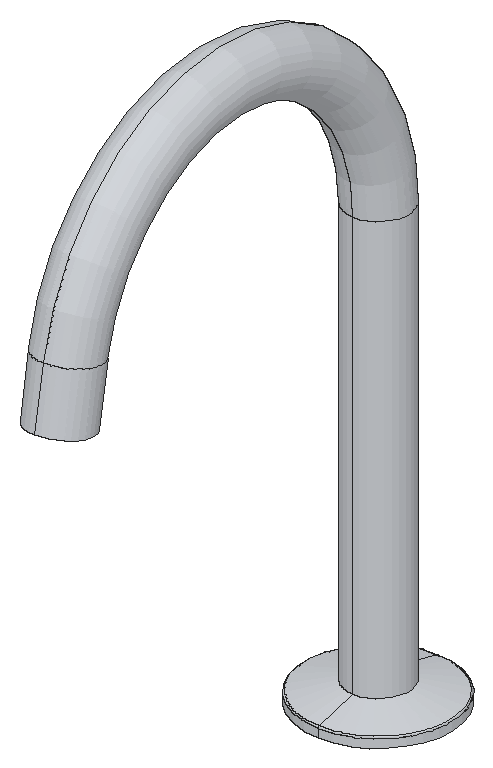
Revit family "Faucet-Lavatory-Spout-KOHLER-COMPONENTS-K-77967BR_1", category Plumbing Fixtures, host Face, Revit 2017
Family settings
  Host = Face
  Round Connector Dimension = Use Diameter
  Part Type = Normal
  OmniClass Number = 23.31.11.00
  OmniClass Title = Faucets
  Cut with Voids When Loaded = No
  Shared = No
  Room Calculation Point = No
Parameters (values of type "CP-Polished Chrome")
  Width = 2 3/8"  # constant formula
  WaterSense Certified = 1 = 0  # no
  Waste Water Outlet = "Waste Water Outlet"  # constant formula
  Waste Connection = 1 = 0  # no
  Vent Connection = 1 = 0  # no
  URL = "https://br.kohler.com/"
  Type = 1
  Spout Reach = 6 5/16"  # constant formula
  Product Page URL = "https://br.kohler.com/product-detail/77967br?skuid=K-77967BR-CP"
  Product Name = "COMPONENTS"  # constant formula
  Product Documentation Link = ""
  Pressure = 45.00 psi  # constant formula
  Model = if(Type = 1, "K-77967BR-CP", if(Type = 2, "K-77967BR-BN", if(Type = 3, "K-77967BR-RGD", if(Type = 4, "K-77967BR-BL", "NA"))))  # "K-77967BR-CP"
  Material = "Premium Metal Construction"  # constant formula
  MasterFormat 2004 = "22.41.39"  # constant formula
  MasterFormat 1995 = "15410"  # constant formula
  Manufacturer Address = "Rio de Janeiro MULTIREPAROS RUA BATISTA DA COSTA, Nº 352 | STORE B Rio de Janeiro SÃO GONÇALO 24450-470"  # constant formula
  Manufacturer = "KOHLER Co."  # constant formula
  Length = Spout Reach  # 6 5/16"
  Hot Water Inlet = "Hot Water Inlet"  # constant formula
  Height = 10 11/16"  # constant formula
  HW Connection = 1 = 1  # yes
  Flow Rate = 18 GPM  # constant formula
  Finish = Kohler-Metal-CP-Polished_Chrome
  Environmental Product Declaration = ""
  Drain Included = 1 = 1  # yes
  Description = "Tube spout for washbasin mixer"  # constant formula
  Default Elevation = 36"
  Declare Label = ""
  Date Modified = "09/13/2021"  # constant formula
  Date Created = "09/13/2021"  # constant formula
  Copyright = "Copyright KOHLER Co."  # constant formula
  Contact Us = "https://br.kohler.com/asr-listing"
  Cold Water Inlet = "Cold Water Inlet"  # constant formula
  CW Connection = 1 = 1  # yes
  Assembly Code = "D2010"
  ADA Compliant = 1 = 0  # no
Types (5): name | Type | Product Page URL | Model | Finish
  (no name) | 1 | "https://br.kohler.com/product-detail/77967br?skuid=K-77967BR-CP" | "K-77967BR-CP" | Kohler-Metal-CP-Polished_Chrome
  CP-Polished Chrome | 1 | "https://br.kohler.com/product-detail/77967br?skuid=K-77967BR-CP" | "K-77967BR-CP" | Kohler-Metal-CP-Polished_Chrome
  BN-Vibrant Brushed Nickel | 2 | "https://br.kohler.com/product-detail/77967br?skuid=K-77967BR-BN" | "K-77967BR-BN" | Kohler-Metal-BN-Vibrant_Brushed_Nickel
  RGD-Polished Rose Gold | 3 | "https://br.kohler.com/product-detail/77967br?skuid=K-77967BR-RGD" | "K-77967BR-RGD" | Kohler-Metal-RGD-Polished_Rose_Gold
  BL-Matte Black | 4 | "https://br.kohler.com/product-detail/77967br?skuid=K-77967BR-BL" | "K-77967BR-BL" | Kohler-Metal-BL-Matte_Black
Reference planes (in)
  plane 1 "Center (Front/Back)": y = 0
  plane 2: z = 0
  plane 3 "Center (Left/Right)": x = 0
  plane 4: x = -1.1875
  plane 5: x = 1.1875
  plane 6: y = -6.3125
  plane 7: z = 10.6875
  plane 8: y = 1.18111
  plane 9: y = -1.1811
  plane 10: y = -6.79723
  plane 11: z = 6.68754
  plane 12: z = 0.32403
  plane 13: z = 0.13933
Dimensions and locks (in)
  equal spacing: plane 4, plane 3 "Center (Left/Right)", plane 5
  "Width": plane 4 to plane 5
  "Length": plane 6 to plane 1 "Center (Front/Back)"  (x2)
  "Height": plane 7 to plane 2
  plane 11 to level = 6.68754"
  aligned and locked: plane 2 to host face
  aligned and locked: level to host face
Automatic sketch dimensions
  host sketch curve to host sketch curve = 96"  (x2)
Nested families (in)
  nested 1: "K-77967BR" at (0, 0, 0), type "K-77967BR"
Connectors (in)
  piping at (-0.68886, 0, 0), diameter 0.5, driven by "Flow Rate", driven by "Pressure", driven by "HW Connection", driven by "Hot Water Inlet"
    settings: on nested 1, index 1, connector inside diameter 24", connector length 0", flow factor 0, pipe flow 18 GPM, pressure drop 45.00 psi, fitting loss kfactor 0, connector angle 0.00°, fixture units 0, engagement length 0", angle of deflection 0.00°, flow configuration 1, flow direction 1, fitting loss method 4, system type 19, joint type 0, gender type 0, connector reference index -1, connector utility 1, adjustable connector no, is connector primary yes, connector description "Hot Water Inlet"
  piping at (0.68886, 0, 0), diameter 0.5, driven by "Flow Rate", driven by "Pressure", driven by "CW Connection", driven by "Cold Water Inlet"
    settings: on nested 1, index 2, connector inside diameter 24", connector length 0", flow factor 0, pipe flow 18 GPM, pressure drop 45.00 psi, fitting loss kfactor 0, connector angle 0.00°, fixture units 0, engagement length 0", angle of deflection 0.00°, flow configuration 1, flow direction 1, fitting loss method 4, system type 20, joint type 0, gender type 0, connector reference index -1, connector utility 1, adjustable connector no, is connector primary no, connector description "Cold Water Inlet"
Definition of nested family "K-77967BR"
  Parameters (values of type "K-77967BR")
    Material = none
  Reference planes (in)
    plane 1 "Center (Front/Back)": y = 0
    plane 2: z = 0
    plane 3 "Center (Left/Right)": x = 0
    plane 4: z = 10.6875
    plane 5: x = -1.1875
    plane 6: x = 1.1875
    plane 7: y = -6.3125
    plane 8: y = 1.18111
    plane 9: y = -1.1811
    plane 10: y = -6.79723
    plane 11: z = 6.68754
    plane 12: z = 0.13933
    plane 13: z = 0.32403
    plane 14: x = -0.68886
    plane 15: x = 0.68886
  Forms (in)
    Sweep 1, solid, material <- "Material", detail levels medium+fine
      path origin (0, 0, 0) x (0, 1, 0) y (0, 0, 1)
        loop
          line (0, 0.32403) -> (0, 7.09913)
          arc (0, 7.09913) -> (-2.82633, 10.18353) -> (-6.14532, 7.63678) r 3.09618
          line (-6.14532, 7.63678) -> (-6.3127, 6.68754)
      profile origin (0, 0, 0.32403) x (0, -1, 0) y (1, 0, 0)
        loop
          circle (0, 0) r 0.492
    Revolve 2, solid, material <- "Material", detail levels medium+fine
      sketch origin (0, 0, 0) x (0, 1, 0) y (0, 0, 1)
        loop
          line (0, 0) -> (1.18111, 0) -> (1.18111, 0.13926)
          arc (1.18111, 0.13926) -> (1.17614, 0.15359) -> (1.16338, 0.16177) r 0.02316
          line (1.16338, 0.16177) -> (0.4907, 0.32403) -> (0, 0.32403) -> (0, 0)
        axis (0, 0.32403) -> (0, 0)
      angle from 0 to 360
    Extrusion 3, solid, material <- "Material", detail levels coarse
      sketch origin (0, 0, 0) x (1, 0, 0) y (0, 1, 0)
        loop
          circle (0, 0) r 1.1811
      from 0 to 0.32403
    Sweep 4, solid, material <- "Material", detail levels coarse
      path origin (0, 0, 0) x (0, 1, 0) y (0, 0, 1)
        loop
          line (0, 0.32403) -> (0, 7.09913)
          arc (0, 7.09913) -> (-2.82633, 10.18353) -> (-6.14532, 7.63678) r 3.09618
          line (-6.14532, 7.63678) -> (-6.3127, 6.68754)
      profile origin (0, 0, 0.32403) x (0, -1, 0) y (1, 0, 0)
        loop
          circle (0, 0) r 0.5315
    Extrusion 5, solid, material <- "Material", detail levels medium+fine
      sketch origin (0, 0, 0) x (1, 0, 0) y (0, 1, 0)
        loop
          circle (-0.68886, 0) r 0.25
        loop
          circle (0.68886, 0) r 0.25
      from 0 to 0.0727
  Lines and regions (in)
    Masking region 1
      outline origin (0, 0, 0) x (0, 1, 0) y (0, 0, 1)
        loop
          line (1.18111, 0) -> (1.18111, 0.13933)
          arc (1.18111, 0.13933) -> (1.17617, 0.1536) -> (1.16346, 0.16175) r 0.02306
          line (1.16346, 0.16175) -> (0.49201, 0.32403) -> (0.49201, 7.09913)
          arc (0.49201, 7.09913) -> (-2.78345, 10.67366) -> (-6.62985, 7.72222) r 3.58819
          line (-6.62985, 7.72222) -> (-6.79723, 6.77297) -> (-5.82817, 6.6021) -> (-5.66079, 7.55135)
          arc (-5.66079, 7.55135) -> (-2.86921, 9.6934) -> (-0.49201, 7.09913) r 2.60418
          line (-0.49201, 7.09913) -> (-0.49201, 0.32403) -> (-1.16346, 0.16175)
          arc (-1.16346, 0.16175) -> (-1.17617, 0.1536) -> (-1.18111, 0.13933) r 0.02306
          line (-1.18111, 0.13933) -> (-1.18111, 0) -> (1.18111, 0)
    Masking region 2
      outline origin (0, 0, 0) x (1, 0, 0) y (0, 0, 1)
        loop
          line (-1.1875, 0) -> (1.1875, 0) -> (1.1875, 0.13933)
          arc (1.1875, 0.13933) -> (1.18256, 0.1536) -> (1.16986, 0.16175) r 0.02306
          line (1.16986, 0.16175) -> (0.49201, 0.32558) -> (0.49201, 10.19549)
          arc (0.49201, 10.19549) -> (0, 10.6875) -> (-0.49201, 10.19549) r 0.49201
          line (-0.49201, 10.19549) -> (-0.49201, 0.32558) -> (-1.16986, 0.16175)
          arc (-1.16986, 0.16175) -> (-1.18256, 0.1536) -> (-1.1875, 0.13933) r 0.02306
          line (-1.1875, 0.13933) -> (-1.1875, 0)
    Masking region 3
      outline origin (0, 0, 0) x (1, 0, 0) y (0, 1, 0)
        loop
          arc (0.492, -1.07374) -> (0, 1.19454) -> (-0.492, -1.07374) r 1.1875
          line (-0.492, -1.07374) -> (-0.492, -6.31248)
          spline (-0.492, -6.31248) -> (-0.47524, -6.43789) -> (-0.42609, -6.55475) -> (-0.3479, -6.6551) -> (-0.246, -6.7321) -> (-0.12734, -6.7805) -> (0, -6.79701) -> (0.12734, -6.7805) -> (0.246, -6.7321) -> (0.3479, -6.6551) -> (0.42609, -6.55475) -> (0.47524, -6.43789) -> (0.492, -6.31248)
          line (0.492, -6.31248) -> (0.492, -1.07374)
    symbolic lines, detail levels medium+fine
      curve 1: spline (0, 0.49201, 0.32403) -> (0, 0.47524, 0.32368) -> (0, 0.42609, 0.32336) -> (0, 0.3479, 0.32308) -> (0, 0.246, 0.32286) -> (0, 0.12734, 0.32273) -> (0, 0, 0.32268) -> (0, -0.12734, 0.32273) -> (0, -0.246, 0.32286) -> (0, -0.3479, 0.32308) -> (0, -0.42609, 0.32336) -> (0, -0.47524, 0.32368) -> (0, -0.49201, 0.32403)
      curve 2: line (-0.492, 0, 0.32268) -> (0.49201, 0, 0.32403)
      curve 3: arc (-0.492, 0, 0) -> (0, 0.492, 0) -> (0.492, 0, 0) r 0.492
      curve 4: line (-0.492, -1.07374, 0) -> (-0.492, 0, 0)
      curve 5: line (0.492, -1.07374, 0) -> (0.492, 0, 0)
      curve 6: spline (-0.492, 0, 6.68754) -> (-0.47524, 0, 6.66542) -> (-0.42609, 0, 6.64482) -> (-0.3479, 0, 6.62712) -> (-0.246, 0, 6.61355) -> (-0.12734, 0, 6.60501) -> (0, 0, 6.6021) -> (0.12734, 0, 6.60501) -> (0.246, 0, 6.61355) -> (0.3479, 0, 6.62712) -> (0.42609, 0, 6.64482) -> (0.47524, 0, 6.66542) -> (0.492, 0, 6.68754) -> (0.47524, 0, 6.70965) -> (0.42609, 0, 6.73025) -> (0.3479, 0, 6.74795) -> (0.246, 0, 6.76153) -> (0.12734, 0, 6.77006) -> (0, 0, 6.77297) -> (-0.12734, 0, 6.77006) -> (-0.246, 0, 6.76153) -> (-0.3479, 0, 6.74795) -> (-0.42609, 0, 6.73025) -> (-0.47524, 0, 6.70965) -> (-0.492, 0, 6.68754)
      curve 7: line (0, 1.18111, 0.13933) -> (0, -1.18111, 0.13933)
      curve 8: line (-1.1875, 0, 0.13933) -> (1.1875, 0, 0.13933)
  Dimensions and locks (in)
    plane 1 "Center (Front/Back)" to plane 7 = 6 5/16"
    plane 4 to plane 2 = 10 11/16"
    aligned and locked: plane 2 to level
